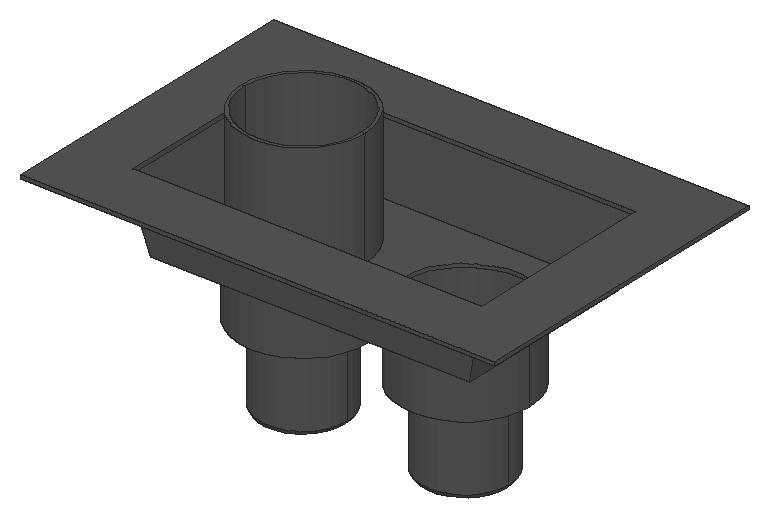
Revit family "2100.112 Rainhead Overflow Sump 530x350x330", category Plumbing Fixtures, Revit 2016
Family settings
  Part Type = Normal
  Round Connector Dimension = Use Diameter
  OmniClass Number = 23.60.30.11
  OmniClass Title = Pipework Products for General Use
  Work Plane-Based = No
  Always vertical = No
  Cut with Voids When Loaded = No
  Shared = No
  Room Calculation Point = No
Parameters (values of type "530x350x240 DWV150")
  Width = 352 mm
  Waste Connection = yes
  Vent Connection = no
  URL = "www.aquaknight.co.nz"
  Right Edge Void Position = Right Edge Position - 3 mm  # 84.5 mm
  Right Edge Position = 87.5 mm
  Pool Depth = 79 mm
  Phone = "+6498322214"  # constant formula
  Nozzles Distance = 180 mm
  Left Tube End = 79 mm
  Left Edge Void Position = Left Edge Position - 3 mm  # 352 mm
  Left Edge Position = 355 mm
  DWV100 Nozzle Height = 244 mm
  Model = "2100.113"
  Material = Aquanight-Black
  Manufacturer = "Aquanight Industries Ltd"  # constant formula
  Length = 528 mm
  HW Connection = no
  Flow = 0.0 L/s
  Email = "info@aquaknight.co.nz"  # constant formula
  Description = "Rainhead Overflow Sump 530x350X240 DWV150 DN150"
  DVW150 Nozzle Heigth = 154 mm
  CutOut Width = 225 mm
  CutOut Length = 395 mm
  Connector Location = 117 mm
  Connector Diameter = 150 mm
  Connector Description = "DWV150"
  CW Connection = no
Types (3, lengths in mm): name | Description | CutOut Width | Connector Location | Connector Diameter | Connector Description
  (no name) | "Rainhead Overflow Sump 530x350X240 DWV150 DN150" | 225 | 117 | 150 | "DWV150"
  530x350x240 DWV100 | "Membrane Rainhead 530x350x240 DWV100 DN100" | 220 | 199 | 100 | "DWV100"
  530x350x240 DWV150 | "Rainhead Overflow Sump 530x350X240 DWV150 DN150" | 225 | 117 | 150 | "DWV150"
Reference planes
  plane 1 "Center (Front/Back)": y = 0
  plane 2: z = 0
  plane 3 "Center (Left/Right)": x = 0
  plane 4: z = -154
  plane 5: z = -244
  plane 6: z = -79
  plane 7: z = -117
  plane 8: x = -264
  plane 9: x = 264
  plane 10: x = -90
  plane 11: x = 90
  plane 12: y = 176
  plane 13: y = -176
  plane 14: z = -79
  plane 15: y = 112.5
  plane 16: y = -112.5
  plane 17: x = -197.5
  plane 18: x = 197.5
Forms (mm)
  SweptBlend 1, solid, material "Aquanight-Black" <- "Material"
    path origin (0, 0, 0) x (1, 0, 0) y (0, 0, 1)
      loop
        line (0, 0) -> (0, -79)
    profile origin (0, 0, 0) x (0, -1, 0) y (1, 0, 0)
      loop
        line (-112.5, -197.5) -> (112.5, -197.5) -> (112.5, 197.5) -> (-112.5, 197.5) -> (-112.5, -197.5)
    end profile origin (0, 0, -79) x (0, -1, 0) y (1, 0, 0)
      loop
        line (-102.933, -177.5) -> (102.933, -177.5) -> (102.933, 177.5) -> (-102.933, 177.5) -> (-102.933, -177.5)
  SweptBlend 2, void
    path origin (0, 0, 0) x (1, 0, 0) y (0, 0, 1)
      loop
        line (0, 0) -> (0, -75)
    profile origin (0, 0, 0) x (0, -1, 0) y (1, 0, 0)
      loop
        line (-107, 194.5) -> (-107, -194.5) -> (107, -194.5) -> (107, 194.5) -> (-107, 194.5)
    end profile origin (0, 0, -75) x (0, -1, 0) y (1, 0, 0)
      loop
        line (-99.333, -177.5) -> (99.333, -177.5) -> (99.333, 174.5) -> (-99.333, 174.5) -> (-99.333, -177.5)
  Revolve 3, solid, material "Aquanight-Black" <- "Material"
    sketch origin (-90, 0, 0) x (1, 0, 0) y (0, 0, 1)
      loop
        line (-72, -154) -> (-49, -154) -> (-49, -240) -> (-46.402, -244) -> (-45.5, -244) -> (-45.5, -150.5) -> (-68.75, -150.5) -> (-68.75, -79) -> (-72, -79) -> (-72, -154)
      axis (0, -79) -> (0, -244)
    angle from 0 to 360
  Extrusion 4, void
    sketch origin (-90, 0, 0) x (1, 0, 0) y (0, 1, 0)
      loop
        circle (0, 0) r 68.75
    from 0 to -79
  Extrusion 5, solid, material "Aquanight-Black" <- "Material"
    sketch origin (0, 0, 0) x (1, 0, 0) y (0, 1, 0)
      loop
        line (-264, 176) -> (-264, -176) -> (264, -176) -> (264, 176) -> (-264, 176)
      loop
        line (194.5, -107) -> (194.5, 107) -> (-194.5, 107) -> (-194.5, -107) -> (194.5, -107)
    from 0 to 4
  Revolve 6, solid, material "Aquanight-Black" <- "Material"
    sketch origin (90, 0, 0) x (-1, 0, 0) y (0, 0, 1)
      loop
        line (-72, -154) -> (-49, -154) -> (-49, -240) -> (-46.402, -244) -> (-45.5, -244) -> (-45.5, -150.5) -> (-68.75, -150.5) -> (-68.75, -79) -> (-72, -79) -> (-72, -154)
      axis (0, -79) -> (0, -244)
    angle from 0 to 360
  Extrusion 7, void
    sketch origin (90, 0, 0) x (-1, 0, 0) y (0, -1, 0)
      loop
        circle (0, 0) r 68.75
    from 0 to -154
  Revolve 8, solid, material "Aquanight-Black"
    sketch origin (0, 0, 0) x (1, 0, 0) y (0, 0, 1)
      loop
        line (-158.75, -150.5) -> (-155.25, -150.5) -> (-155.25, 53.5) -> (-158.75, 53.5) -> (-158.75, -150.5)
      axis (-90, 53.5) -> (-90, -150.5)
    angle from 0 to 360
Cuts and joins
  SweptBlend 2, Extrusion 4, Extrusion 7 cuts SweptBlend 1
  SweptBlend 2, Extrusion 4, Extrusion 7 cuts Revolve 3
  SweptBlend 2, Extrusion 7 cuts Extrusion 5
  joined: SweptBlend 1, Revolve 3, Extrusion 5
Dimensions and locks
  "DVW150 Nozzle Heigth": level to plane 4
  "DWV100 Nozzle Height": level to plane 5
  locked: Revolve 3 sketch curve to plane 4 at 3.5
  locked: Revolve 3 sketch curve to plane 5 at 4
  locked: SweptBlend 2 sketch curve to plane 6 at 4
  "Connector Location": level to plane 7
  locked: connector elem to plane 1 "Center (Front/Back)"  (x3)
  "Nozzles Distance": plane 10 to plane 11
  "Pool Depth": level to plane 6
  Revolve 8 sketch curve to cut or joined group of SweptBlend 1, SweptBlend 2, Revolve 3, Extrusion 4, Extrusion 5, Extrusion 7 = 49.5 mm
  equal spacing: SweptBlend 1 sketch curve, plane 1 "Center (Front/Back)", SweptBlend 1 sketch curve
  locked: plane 11 to connector elem
  locked: connector elem to plane 10 at 0
  equal spacing: plane 8, plane 3 "Center (Left/Right)", plane 9
  "Length": plane 8 to plane 9
  equal spacing: plane 10, plane 3 "Center (Left/Right)", plane 11
  "Left Tube End": level to plane 14
  locked: Revolve 8 to level at 53.5
  "Left Edge Position": SweptBlend 1 sketch curve to SweptBlend 1 sketch curve
  "Left Edge Void Position": SweptBlend 2 sketch curve to SweptBlend 2 sketch curve
  equal spacing: plane 13, plane 1 "Center (Front/Back)", plane 12
  "Width": plane 13 to plane 12
  equal spacing: SweptBlend 1 sketch curve, plane 3 "Center (Left/Right)", SweptBlend 1 sketch curve
  "CutOut Length": SweptBlend 1 sketch curve to SweptBlend 1 sketch curve
  "CutOut Width": SweptBlend 1 sketch curve to SweptBlend 1 sketch curve
  "CutOut Width": plane 15 to plane 16
  equal spacing: plane 15, plane 1 "Center (Front/Back)", plane 16
  equal spacing: plane 17, plane 3 "Center (Left/Right)", plane 18
  "CutOut Length": plane 17 to plane 18
  "Right Edge Position": plane 11 to SweptBlend 1 sketch curve
  "Right Edge Void Position": plane 11 to SweptBlend 2 sketch curve
  aligned and locked: level to plane 2
  aligned and locked: Revolve 3 sketch curve to plane 4
  aligned and locked: plane 5 to Revolve 3 sketch curve
  aligned and locked: plane 6 to SweptBlend 1 sketch curve
  aligned and locked: level to SweptBlend 1 sketch curve
  aligned and locked: level to SweptBlend 2 sketch curve
  aligned and locked: Revolve 8 sketch curve to plane 10
  aligned and locked: Revolve 3 sketch curve to plane 14
  aligned and locked: SweptBlend 1 to Extrusion 4
  aligned and locked: Revolve 3 to Extrusion 7
  aligned and locked: plane 12 to Extrusion 5 sketch curve
  aligned and locked: plane 13 to Extrusion 5 sketch curve
  aligned and locked: SweptBlend 2 sketch curve to cut or joined group of SweptBlend 1, SweptBlend 2, Revolve 3, Extrusion 4, Extrusion 5, Extrusion 7  (x4)
  aligned and locked: plane 11 to Extrusion 7 sketch curve
Automatic sketch dimensions
  SweptBlend 1 sketch curve to plane 3 "Center (Left/Right)" = 0 mm
  SweptBlend 2 sketch curve to plane 3 "Center (Left/Right)" = 0 mm
  Revolve 3 sketch curve to plane 10 = 0 mm
  Revolve 3 sketch curve to plane 10 = 45.5 mm
  Revolve 3 sketch curve to Revolve 3 sketch curve = 0.902 mm
  Revolve 3 sketch curve to Revolve 3 sketch curve = 3.5 mm
  Revolve 3 sketch curve to Revolve 3 sketch curve = 23.25 mm
  Revolve 3 sketch curve to Revolve 3 sketch curve = 3.25 mm
  plane 4 to Revolve 3 sketch curve = 3.377 mm
  level to Revolve 3 sketch curve = 2214.315 mm
  Extrusion 4 sketch curve to Extrusion 4 sketch curve = 0 mm  (x2)
  plane 1 "Center (Front/Back)" to Extrusion 4 sketch curve = 0 mm
  Extrusion 4 sketch curve to plane 10 = 0 mm
  Extrusion 4 sketch curve to plane 10 = 68.75 mm
  Extrusion 5 sketch curve to plane 8 = 0 mm
  Extrusion 5 sketch curve to plane 9 = 0 mm
  Extrusion 5 sketch curve to plane 9 = 69.5 mm
  plane 1 "Center (Front/Back)" to Extrusion 7 sketch curve = 0 mm
  Extrusion 7 sketch curve to Extrusion 7 sketch curve = 68.75 mm
  Extrusion 5 sketch curve to Extrusion 5 sketch curve = 69 mm  (x2)
  Revolve 6 sketch curve to plane 4 = 0 mm
  Revolve 6 sketch curve to plane 5 = 0 mm
  plane 11 to Revolve 6 sketch curve = 0 mm
  plane 4 to Revolve 6 sketch curve = 3.5 mm
  plane 11 to Revolve 6 sketch curve = 45.5 mm
  Revolve 6 sketch curve to Revolve 6 sketch curve = 3.5 mm
  Revolve 6 sketch curve to Revolve 6 sketch curve = 19.75 mm
  Revolve 6 sketch curve to Revolve 6 sketch curve = 3.25 mm
  plane 5 to Revolve 6 sketch curve = 4 mm
  plane 6 to Revolve 6 sketch curve = 0 mm
  Revolve 6 sketch curve to Revolve 6 sketch curve = 0.902 mm
  Revolve 6 sketch curve to plane 4 = 3.377 mm
  Revolve 6 sketch curve to level = 2214.315 mm
  Revolve 8 sketch curve to plane 4 = 3.5 mm
  Revolve 8 sketch curve to plane 10 = 68.75 mm
  Revolve 8 sketch curve to Revolve 8 sketch curve = 3.5 mm
  plane 7 to Revolve 8 sketch curve = 31.8 mm
  Revolve 8 sketch curve to Revolve 8 sketch curve = 2384.4 mm
  Extrusion 5 sketch curve to plane 17 = 3 mm
  SweptBlend 1 sketch curve to plane 1 "Center (Front/Back)" = 102.933 mm
  plane 1 "Center (Front/Back)" to SweptBlend 1 sketch curve = 102.933 mm
  SweptBlend 2 sketch curve to plane 1 "Center (Front/Back)" = 99.333 mm
  plane 1 "Center (Front/Back)" to SweptBlend 2 sketch curve = 99.333 mm
Connectors
  piping at (-90, 0, -117), diameter 150, driven by "Connector Diameter", driven by "Flow", driven by "Connector Description"
    settings: on plane 7, index 1, connector inside diameter 609.6 mm, connector length 0 mm, flow factor 0, pipe flow 0.0 L/s, pressure drop 0.0 Pa, fitting loss kfactor 0, connector angle 0.00°, fixture units 0, engagement length 0 mm, angle of deflection 0.00°, flow configuration 0, flow direction 2, fitting loss method 0, system type 28, joint type 0, gender type 0, connector reference index -1, connector utility 0, adjustable connector no, is connector primary yes, connector description "DWV150"
  piping at (90, 0, -117), diameter 150, driven by "Flow", driven by "Connector Diameter"
    settings: on plane 7, index 2, connector inside diameter 609.6 mm, connector length 0 mm, flow factor 0, pipe flow 0.0 L/s, pressure drop 0.0 Pa, fitting loss kfactor 0, connector angle 0.00°, fixture units 0, engagement length 0 mm, angle of deflection 0.00°, flow configuration 0, flow direction 2, fitting loss method 0, system type 28, joint type 0, gender type 0, connector reference index -1, connector utility 0, adjustable connector no, is connector primary no, connector description ""
